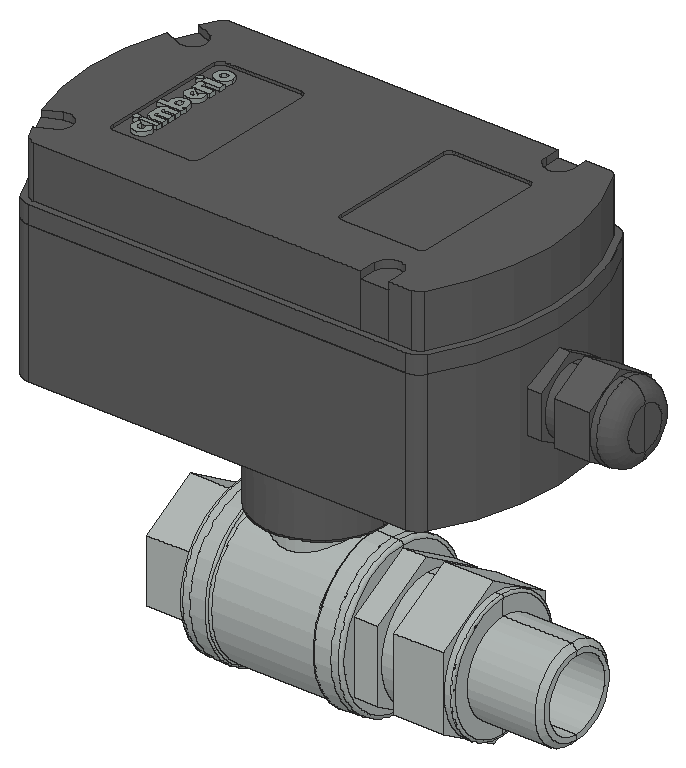
Revit family "QD31700000", category Apparecchi idraulici, Revit 2020
Family settings
  Quota connettore circolare = Usa diametro
  Tipo di parte = Normale
  Numero OmniClass = 23.45.00.00
  Titolo OmniClass = Sanitary, Laundry, and Cleaning Equipment
  Basato su piano di lavoro = No
  Sempre verticale = Sì
  Taglio con vuoti quando caricato = No
  Condiviso = No
  Punto di calcolo locali = No
Parameters
  URL = "https://web.cimberio.it/index.php/figura/618?subcategoria_id=74926"
  Temperatura di esercizio = "-20 ÷ 150°C"
  Prospetto di default = 0 mm
  Produttore = "CIMBERIO SPA"
  Pressione nominale = "PN 64 (3/4\" ÷ 1\"); PN 50 (1\"1/4)"
  Modello = "Cim 703RE"
  Materiale = "Prodotto in lega di ottone conforme alla norma EN 12165-CW617N-DW"
  Descrizione = "Utilizzato nei più svariati settori dell'impiantistica: impianti di riscaldamento, condizionamento, idrici, igienico-sanitari, aria compressa e in generale con ogni fluido non corrosivo.\r\nParticolarmente indicato come valvola di zona per la regolazione e contabilizzazione di impianti di riscaldamento singoli o a zone, impianti con utilizzazione di energie alternative, impianti con fluidi caldi o freddi e impianti di automazione in genere."
  DN Model [instance] = QD31701020 : QD31701020
  DN [instance] = 20 mm
  Commenti sul tipo = "Realizzato in ottemperanza ai requisiti gestionali della norma EN ISO 9001.\r\nCollaudato al 100% secondo la normativa EN 12266-1."
Reference planes
  plane 1 "Centro (Fronte/Retro)": y = 0
  plane 2: z = 0
  plane 3 "Centro (Sinistra/Destra)": x = 0
Dimensions and locks
  aligned and locked: level to plane 2
Nested families
  nested 1: "QD31701020" at (0, 0, 0), type <- "DN Model", type "QD31701020"
  nested 2: "QD31701020" at (0, 0, 0), type <- "DN Model", type "QD31701020"
  nested 3: "QD31701020" at (0, 0, 0), type <- "DN Model", type "QD31701020"
  nested 4: "QD31701020" at (0, 0, 0), type <- "DN Model", type "QD31701020"
Connectors
  piping at (72.6, 0, 0), diameter 20, driven by "DN"
    settings: on nested 1, index 1, connector inside diameter 609.6 mm, connector length 0 mm, flow factor 0, pipe flow 0.0 L/s, pressure drop 0.0 Pa, fitting loss kfactor 0, connector angle 0.00°, fixture units 0, engagement length 0 mm, angle of deflection 0.00°, flow configuration 0, flow direction 0, fitting loss method 0, system type 7, joint type 0, gender type 0, connector reference index -1, connector utility 0, adjustable connector no, is connector primary yes, connector description ""
  piping at (-37.1, 0, 0), diameter 20, driven by "DN"
    settings: on nested 1, index 2, connector inside diameter 609.6 mm, connector length 0 mm, flow factor 0, pipe flow 0.0 L/s, pressure drop 0.0 Pa, fitting loss kfactor 0, connector angle 0.00°, fixture units 0, engagement length 0 mm, angle of deflection 0.00°, flow configuration 0, flow direction 0, fitting loss method 0, system type 7, joint type 0, gender type 0, connector reference index -1, connector utility 0, adjustable connector no, is connector primary no, connector description ""
Definition of nested family "QD31701020"
  Parameters (values of type "QD31701020")
    URL = "https://web.cimberio.it/index.php/figura/394?subcategoria_id="
    Temperatura di esercizio = "-10 ÷ 95°C"
    Default Elevation = 0 mm
    Manufacturer = "CIMBERIO SPA"
    Pressione nominale = "PN 16"
    Model = "Cim 32"
    Materiale = "Prodotto in lega di ottone conforme alla norma EN 12165-CW617N-DW"
    Description = "Impiegato nei più svariati settori dell'impiantistica in condutture anti-ritorno per: reti di distribuzione acqua potabile, impianti di riscaldamento, condizionamento, igienico-sanitari e in generale con ogni fluido non corrosivo."
    DN [instance] = 50 mm
    Type Comments = "Realizzato in ottemperanza ai requisiti gestionali della norma EN ISO 9001.\r\nCollaudato al 100% secondo la normativa EN 12266-1"
  Reference planes
    plane 1 "Centro (Fronte/Retro)": y = 0
    plane 2: z = 0
    plane 3 "Centro (Sinistra/Destra)": x = 0
  Forms (mm)
    Extrusion 1, solid
      sketch origin (0, 0, 0) x (0, 1, 0) y (0, 0, 1)
        loop
          circle (0, 0) r 10
        loop
          line (0, 18) -> (-15.588, 9) -> (-15.588, -9) -> (0, -18) -> (15.588, -9) -> (15.588, 9) -> (0, 18)
      from -37.1 to -23.1
    Revolve 2, solid
      sketch origin (0, 0, 0) x (1, 0, 0) y (0, 0, 1)
        loop
          line (11.504, 21.487) -> (11.504, 37.805) -> (0, 37.805) -> (0, 8.315) -> (12.31, 8.315) -> (12.31, 20.681)
          arc (12.31, 20.681) -> (11.74, 20.917) -> (11.504, 21.487) r 0.806
        axis (0, 37.805) -> (0, 8.315)
      angle from 0 to 360
    Extrusion 3, solid
      sketch origin (0, 0, 6.5) x (1, 0, 0) y (0, 0, 1)
        loop
          line (-16, 34.091) -> (-16, 17.197) -> (-11, 17.197) -> (-11, 34.091) -> (-16, 34.091)
      from -0.812 to 0.713
    Revolve 4, solid
      sketch origin (0, 0, 0) x (1, 0, 0) y (0, 0, 1)
        loop
          line (0, 51.8) -> (0, 36.671) -> (3.652, 36.671) -> (3.652, 23.3) -> (16.983, 23.3)
          arc (16.983, 23.3) -> (17.427, 23.419) -> (17.69, 23.796) r 0.672
          line (17.69, 23.796) -> (17.955, 46.8) -> (19, 46.8)
          arc (19, 46.8) -> (19.707, 47.093) -> (20, 47.8) r 1
          line (20, 47.8) -> (20, 51.8) -> (0, 51.8)
        axis (0, 51.8) -> (0, 23.3)
      angle from 0 to 360
    Extrusion 5, solid
      sketch origin (0, 0, 0) x (1, 0, 0) y (0, 1, 0)
        loop
          arc (-53.687, 37) -> (-56.156, 36.347) -> (-57.982, 34.56) r 5
          arc (-57.982, 34.56) -> (-67.5, 0) -> (-57.982, -34.56) r 67.5
          arc (-57.982, -34.56) -> (-56.156, -36.347) -> (-53.687, -37) r 5
          line (-53.687, -37) -> (53.687, -37)
          arc (53.687, -37) -> (56.156, -36.347) -> (57.982, -34.56) r 5
          arc (57.982, -34.56) -> (67.5, 0) -> (57.982, 34.56) r 67.5
          arc (57.982, 34.56) -> (56.156, 36.347) -> (53.687, 37) r 5
          line (53.687, 37) -> (-53.687, 37)
      from 51.8 to 91.8
    Extrusion 6, solid
      sketch origin (0, 0, 40) x (1, 0, 0) y (0, 1, 0)
        loop
          arc (-53.687, 37) -> (-56.156, 36.347) -> (-57.982, 34.56) r 5
          arc (-57.982, 34.56) -> (-67.5, 0) -> (-57.982, -34.56) r 67.5
          arc (-57.982, -34.56) -> (-56.156, -36.347) -> (-53.687, -37) r 5
          line (-53.687, -37) -> (53.687, -37)
          arc (53.687, -37) -> (56.156, -36.347) -> (57.982, -34.56) r 5
          arc (57.982, -34.56) -> (67.5, 0) -> (57.982, 34.56) r 67.5
          arc (57.982, 34.56) -> (56.156, 36.347) -> (53.687, 37) r 5
          line (53.687, 37) -> (-53.687, 37)
      from 51.8 to 56.8
    Extrusion 7, solid
      sketch origin (0, 0, 0) x (1, 0, 0) y (0, 1, 0)
        loop
          arc (-53.687, 35) -> (-55.168, 34.608) -> (-56.264, 33.536) r 3
          arc (-56.264, 33.536) -> (-57.395, 31.561) -> (-58.457, 29.547) r 65.5
          arc (-58.457, 29.547) -> (-60.152, 25.922) -> (-61.623, 22.2) r 65.5
          arc (-61.623, 22.2) -> (-65.5, 0) -> (-61.623, -22.2) r 65.5
          arc (-61.623, -22.2) -> (-60.152, -25.922) -> (-58.457, -29.547) r 65.5
          arc (-58.457, -29.547) -> (-57.395, -31.561) -> (-56.264, -33.536) r 65.5
          arc (-56.264, -33.536) -> (-55.168, -34.608) -> (-53.687, -35) r 3
          line (-53.687, -35) -> (39.293, -35) -> (47.293, -35) -> (53.687, -35)
          arc (53.687, -35) -> (55.168, -34.608) -> (56.264, -33.536) r 3
          arc (56.264, -33.536) -> (65.5, 0) -> (56.264, 33.536) r 65.5
          arc (56.264, 33.536) -> (55.168, 34.608) -> (53.687, 35) r 3
          line (53.687, 35) -> (47.293, 35) -> (39.293, 35) -> (-53.687, 35)
      from 96.8 to 111.8
    Extrusion 8, solid
      sketch origin (0, 0, 74.844) x (0, 1, 0) y (0, 0, 1)
        loop
          line (0, 11.95) -> (-10.349, 5.975) -> (-10.349, -5.975) -> (0, -11.95) -> (10.349, -5.975) -> (10.349, 5.975) -> (0, 11.95)
      from 53.687 to 71
    Revolve 9, solid
      sketch origin (0, 0, 0) x (1, 0, 0) y (0, 0, 1)
        loop
          line (71, 84.3) -> (71, 79.687) -> (75, 79.687) -> (75, 84.3) -> (71, 84.3)
        axis (71, 74.844) -> (75, 74.844)
      angle from 0 to 360
    Extrusion 10, solid
      sketch origin (0, 0, 0) x (0, 1, 0) y (0, 0, 1)
        loop
          line (0, 87.344) -> (-10.825, 81.094) -> (-10.825, 68.594) -> (0, 62.344) -> (10.825, 68.594) -> (10.825, 81.094) -> (0, 87.344)
      from 75 to 85
    Revolve 11, solid
      sketch origin (0, 0, 0) x (1, 0, 0) y (0, 0, 1)
        loop
          line (92, 74.844) -> (92, 80.8)
          arc (92, 80.8) -> (90.535, 84.336) -> (86.998, 85.8) r 5
          line (86.998, 85.8) -> (85, 85.8) -> (85, 74.844) -> (92, 74.844)
        axis (85, 74.844) -> (92, 74.844)
      angle from 0 to 360
    Extrusion 12, void
      sketch origin (0, 0, 0) x (1, 0, 0) y (0, 1, 0)
        loop
          arc (-57.295, 20.329) -> (-52.036, 22.412) -> (-54.12, 27.671) r 4
          line (-54.12, 27.671) -> (-59.289, 29.907) -> (-62.465, 22.564) -> (-57.295, 20.329)
        loop
          arc (-54.12, -27.671) -> (-52.036, -22.412) -> (-57.295, -20.329) r 4
          line (-57.295, -20.329) -> (-62.083, -22.399) -> (-58.908, -29.742) -> (-54.12, -27.671)
        loop
          arc (39.293, 30.5) -> (43.293, 26.5) -> (47.293, 30.5) r 4
          line (47.293, 30.5) -> (47.293, 35.946) -> (39.293, 35.946) -> (39.293, 30.5)
        loop
          line (39.293, -30.43) -> (39.293, -35) -> (47.293, -35) -> (47.293, -30.5)
          arc (47.293, -30.5) -> (43.293, -26.5) -> (39.293, -30.5) r 4
      from 109.8 to 117.274
    Extrusion 13, void
      sketch origin (0, 0, 0) x (1, 0, 0) y (0, 1, 0)
        loop
          line (-21.999, 20) -> (-43.001, 20)
          arc (-43.001, 20) -> (-44.415, 19.414) -> (-45, 18) r 2
          line (-45, 18) -> (-45, -18)
          arc (-45, -18) -> (-44.414, -19.415) -> (-42.999, -20) r 2
          line (-42.999, -20) -> (-21.999, -20)
          arc (-21.999, -20) -> (-20.585, -19.414) -> (-20, -18) r 2
          line (-20, -18) -> (-20, 18)
          arc (-20, 18) -> (-20.585, 19.414) -> (-21.999, 20) r 2
        loop
          arc (22.001, 20) -> (20.586, 19.415) -> (20, 18) r 2
          line (20, 18) -> (20, -18)
          arc (20, -18) -> (20.586, -19.415) -> (22.001, -20) r 2
          line (22.001, -20) -> (43.001, -20)
          arc (43.001, -20) -> (44.415, -19.414) -> (45, -18) r 2
          line (45, -18) -> (45, 18)
          arc (45, 18) -> (44.415, 19.414) -> (43.001, 20) r 2
          line (43.001, 20) -> (22.001, 20)
      from 111.039 to 121
    Extrusion 14, solid
      sketch origin (0, 0, 111.039) x (1, 0, 0) y (0, 1, 0)
        loop
          arc (-41.222, -13.089) -> (-39.283, -17.248) -> (-37.344, -13.089) r 2.531
          line (-37.344, -13.089) -> (-38.507, -14.066)
          arc (-38.507, -14.066) -> (-39.283, -15.729) -> (-40.058, -14.066) r 1.013
          line (-40.058, -14.066) -> (-41.222, -13.089)
        loop
          line (-36.751, -12.583) -> (-36.751, -11.064) -> (-41.814, -11.064) -> (-41.814, -12.583) -> (-36.751, -12.583)
        loop
          circle (-43.08, -11.824) r 0.861
        loop
          line (-36.751, -9.039) -> (-39.89, -9.039)
          arc (-39.89, -9.039) -> (-40.295, -8.634) -> (-39.89, -8.229) r 0.405
          line (-39.89, -8.229) -> (-36.751, -8.229) -> (-36.751, -6.711) -> (-39.89, -6.711)
          arc (-39.89, -6.711) -> (-40.295, -6.306) -> (-39.89, -5.901) r 0.405
          line (-39.89, -5.901) -> (-36.751, -5.901) -> (-36.751, -4.382) -> (-39.89, -4.382)
          arc (-39.89, -4.382) -> (-41.614, -5.451) -> (-41.422, -7.47) r 1.924
          arc (-41.422, -7.47) -> (-41.614, -9.489) -> (-39.89, -10.558) r 1.924
          line (-39.89, -10.558) -> (-36.751, -10.558) -> (-36.751, -9.039)
        loop
          line (-43.839, -3.876) -> (-36.751, -3.876) -> (-36.751, -2.357) -> (-37.544, -2.357) -> (-36.841, -2.013)
          arc (-36.841, -2.013) -> (-39.465, 1.18) -> (-41.603, -2.357) r 2.531
          line (-41.603, -2.357) -> (-43.839, -2.357) -> (-43.839, -3.876)
        loop
          circle (-39.283, -1.344) r 1.012
        loop
          arc (-41.013, 6.072) -> (-39.435, 1.698) -> (-37.344, 5.851) r 2.531
          line (-37.344, 5.851) -> (-38.507, 4.875)
          arc (-38.507, 4.875) -> (-38.282, 4.378) -> (-38.348, 3.836) r 1.013
          line (-38.348, 3.836) -> (-41.013, 6.072)
        loop
          line (-38.738, 3.371) -> (-40.218, 4.612)
          arc (-40.218, 4.612) -> (-39.934, 3.449) -> (-38.738, 3.371) r 1.013
        loop
          line (-36.751, 6.358) -> (-36.751, 7.876) -> (-40.426, 7.876)
          arc (-40.426, 7.876) -> (-41.131, 9.395) -> (-41.814, 7.867) r 0.92
          line (-41.814, 7.867) -> (-41.814, 6.358) -> (-36.751, 6.358)
        loop
          line (-36.751, 9.901) -> (-36.751, 11.42) -> (-41.814, 11.42) -> (-41.814, 9.901) -> (-36.751, 9.901)
        loop
          circle (-43.08, 10.661) r 0.861
        loop
          circle (-39.283, 14.458) r 2.531
        loop
          circle (-39.283, 14.458) r 1.012
      from 0 to 1
    Revolve 15, solid
      sketch origin (0, 0, 0) x (1, 0, 0) y (0, 0, 1)
        loop
          line (-23.1, -10) -> (-23.1, -20.75)
          arc (-23.1, -20.75) -> (-22.807, -21.458) -> (-22.099, -21.75) r 1
          line (-22.099, -21.75) -> (-20.1, -21.75) -> (-15.5, -22)
          arc (-15.5, -22) -> (-15.146, -21.854) -> (-15, -21.5) r 0.5
          arc (-15, -21.5) -> (-14.854, -21.146) -> (-14.5, -21) r 0.5
          line (-14.5, -21) -> (14.5, -21)
          arc (14.5, -21) -> (14.854, -21.146) -> (15, -21.5) r 0.5
          arc (15, -21.5) -> (15.146, -21.854) -> (15.5, -22) r 0.5
          line (15.5, -22) -> (20.1, -21.75) -> (22.101, -21.75)
          arc (22.101, -21.75) -> (22.808, -21.457) -> (23.1, -20.75) r 1
          line (23.1, -20.75) -> (23.1, -10) -> (-23.1, -10)
        axis (-23.1, 0) -> (23.1, 0)
      angle from 0 to 360
    Extrusion 16, solid
      sketch origin (0, 0, 0) x (0, 1, 0) y (0, 0, -1)
        loop
          circle (0, 0) r 10
        loop
          line (0, -20.25) -> (17.537, -10.125) -> (17.537, 10.125) -> (0, 20.25) -> (-17.537, 10.125) -> (-17.537, -10.125) -> (0, -20.25)
      from -30.1 to -23.1
    Revolve 17, solid
      sketch origin (0, 0, 0) x (1, 0, 0) y (0, 0, 1)
        loop
          line (30.1, 16.575) -> (30.1, 10) -> (35.1, 10) -> (35.1, 16.575) -> (30.1, 16.575)
        axis (30.1, 0) -> (35.1, 0)
      angle from 0 to 360
    Extrusion 18, solid
      sketch origin (19, 0, 0) x (0, 1, 0) y (0, 0, -1)
        loop
          circle (0, 0) r 10
        loop
          line (0, -20.75) -> (17.97, -10.375) -> (17.97, 10.375) -> (0, 20.75) -> (-17.97, 10.375) -> (-17.97, -10.375) -> (0, -20.75)
      from -30.1 to -16.093
    Revolve 19, solid
      sketch origin (0, 0, 0) x (1, 0, 0) y (0, 0, 1)
        loop
          line (49.1, 10) -> (51.6, 10) -> (51.6, 17.285)
          arc (51.6, 17.285) -> (51.485, 17.737) -> (51.099, 18) r 0.66
          line (51.099, 18) -> (49.1, 18) -> (49.1, 10)
        axis (49.1, 0) -> (51.6, 0)
      angle from 0 to 360
    Revolve 20, solid
      sketch origin (0, 0, 0) x (1, 0, 0) y (0, 0, 1)
        loop
          line (51.6, 10) -> (72.6, 10) -> (72.6, 11.4) -> (71.1, 12.9) -> (51.6, 12.9) -> (51.6, 10)
        axis (51.6, 0) -> (72.6, 0)
      angle from 0 to 360
  Cuts and joins
    Extrusion 12 cuts Extrusion 5
    Extrusion 12 cuts Extrusion 6
    Extrusion 12, Extrusion 13 cuts Extrusion 7
  Dimensions and locks
    aligned and locked: level to plane 2
